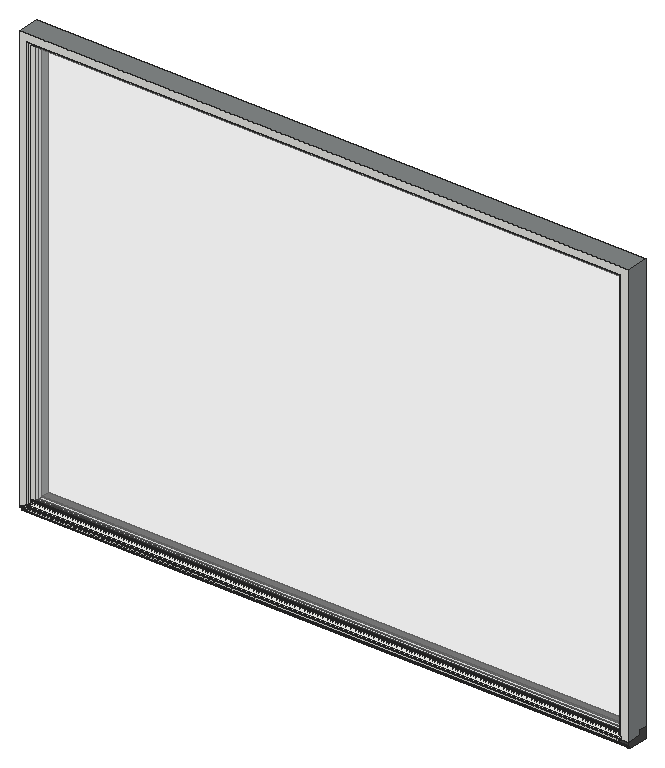
Revit family "Windows_Hajom_Architect_Type-FK", category Windows, host Wall, Revit 2018
Family settings
  Host = Wall
  OmniClass Number = 23.30.20.00
  OmniClass Title = Windows
  Always vertical = Yes
  Cut with Voids When Loaded = No
  Shared = No
  Room Calculation Point = No
Parameters (values of type "Architect - Type FK")
  WindowWallOffset [instance] = 0 mm
  WindowSecondaryMaterial [instance] = RAL9003-White-Internal_face
  WindowMainMaterial [instance] = RAL7012-Basalt_Grey-External_face
  WidthControl [instance] = 3000 mm
  WarrantyStartDate [instance] = "n/a"
  WarrantyGuarantorParts = "n/a"
  WarrantyGuarantorLabor = "n/a"
  WarrantyDurationUnit = "Year"
  WarrantyDurationParts = "n/a"
  WarrantyDurationLabor = "n/a"
  WarrantyDescription = "n/a"
  VersionDate = "27/05/2022"
  Version = "1"
  Uniclass2015Reference = "Pr_30_59_98_92"
  Uniclass2015Description = "Unplasticized polyvinylchloride (PVC-U) window units"
  Uniclass2 = "Pr_30_59_98"
  URL = "https://www.hajom.com/"
  TagNumber [instance] = "n/a"
  SustainabilityPerformance = "n/a"
  Size = "1580-4780x1780-2820x105 mm"
  SillMaterial [instance] = Mat black
  Shape = "Rectangular"
  SerialNumber [instance] = "n/a"
  Rough Width = 0 mm
  Rough Height = 0 mm
  Revision = "n/a"
  ReplacementCost = "n/a"
  ProductInformation = "n/a"
  NominalWidth [instance] = if(WidthControl < 1580 mm, 1580 mm, if(WidthControl > 4780 mm, 4780 mm, WidthControl))  # 3000 mm
  NominalHeight [instance] = if(HeightControl < 1780 mm, 1780 mm, if(HeightControl > 2820 mm, 2820 mm, HeightControl))  # 2120 mm
  NominalDepth = 105 mm
  Name = "Architect_Type-FK"
  NBSReference = "45-25-99/310"
  NBSDescription = "PVC-U window units"
  ModelReference = "n/a"
  ModelNumber = "n/a"
  Model = "Architect - Type FK"
  Material = "PVC"
  ManufacturerURL = "https://www.hajom.com/"
  ManufacturerName = "Hajom"
  Manufacturer = "Hajom"
  InstallationDate [instance] = "n/a"
  Installation instructions = ""
  HeightControl [instance] = 2120 mm
  Height = 0 mm
  HandleMaterial [instance] = SuperStainless satin
  Grade = "n/a"
  GlassStripMaterial [instance] = Aluminum
  GlassMountingMaterial [instance] = RAL9003-White-Internal_face
  GlassMaterial [instance] = Glass
  Finish = "n/a"
  Features = "n/a"
  ExteriorOffset [instance] = 0 mm
  ExpectedLife = "n/a"
  DurationUnit = "Year"
  Default Sill Height = 800 mm
  Wall Closure = By host
  Width = 0 mm
  Constituents = "n/a"
  CodePerformance = "n/a"
  Category = "Windows"
  Brand = "Hajom"
  Barcode [instance] = "n/a"
  BIMObjectName = "Windows_Hajom_Architect_Type-FK"
  Author = "BIMStone"
  AssetType = "Fixed"
  AssetIdentifier [instance] = "n/a"
  AccessibilityPerformance = "n/a"
Reference planes
  plane 1 "Center (Front/Back)": y = 0
  plane 2 "Center (Left/Right)": x = 0
  plane 3 "Left": x = -1500
  plane 4 "Right": x = 1500
  plane 5 "Sill": z = 800
  plane 6 "Head": z = 2920
  plane 7 "Exterior": y = 0
  plane 8 "Interior": y = -200
  plane 9 "4": x = -1500
  plane 10 "5": x = 1500
  plane 11 "TopView": z = 2920
  plane 12 "Opening": y = -105
  plane 13: z = 1860
  plane 14: x = -1459
  plane 15: z = 2878.96
  plane 16: z = 841
  plane 17: x = 1459
Forms (mm)
  Extrusion 1, solid, material "RAL7012-Basalt_Grey-External_face" <- "WindowMainMaterial", detail levels coarse
    sketch origin (0, 0, 0) x (1, 0, 0) y (0, 0, 1)
      loop
        line (-1500, 2920) -> (-1500, 800) -> (1500, 800) -> (1500, 2920) -> (-1500, 2920)
    from 0 to 105
  Extrusion 2, void
    sketch origin (0, 0, 0) x (1, 0, 0) y (0, 0, 1)
      loop
        line (-1500, 800) -> (1500, 800) -> (1500, 2920) -> (-1500, 2920) -> (-1500, 800)
    from 0 to 200
  Sweep 3, solid, material "RAL7012-Basalt_Grey-External_face" <- "WindowMainMaterial", detail levels medium+fine
    path origin (0, 0, 0) x (1, 0, 0) y (0, 0, 1)
      loop
        line (-1500, 800) -> (-1500, 2920) -> (1500, 2920) -> (1500, 800)
    profile "Profile_Architect_FK_Edge_Side : Profile_Architect_FK_Edge_Side" origin (-1500, 0, 1860) x (-1, 0, 0) y (0, -1, 0)
      loop
        line (-55, 37) -> (-55, 0) -> (0, 0) -> (0, 105) -> (-36, 105) -> (-36, 37) -> (-55, 37)
  Sweep 4, solid, material "Mat black" <- "SillMaterial", detail levels medium+fine
    path origin (0, 0, 0) x (1, 0, 0) y (0, 0, 1)
      loop
        line (-1500, 800) -> (1500, 800)
    profile "Profile_Architect_FK_Edge_Bottom : Profile_Architect_FK_Edge_Bottom" origin (0, 0, 800) x (0, 0, 1) y (0, -1, 0)
      loop
        line (28.853, 105) -> (18.118, 105)
        arc (18.118, 105) -> (15.889, 104.008) -> (15.134, 101.689) r 3
        line (15.134, 101.689) -> (15.415, 99) -> (17.9, 99) -> (17.9, 95) -> (2, 95)
        arc (2, 95) -> (0.586, 94.414) -> (0, 93) r 2
        line (0, 93) -> (0, 0) -> (55, 0) -> (55, 37) -> (36, 37) -> (28.853, 105)
  Sweep 5, void
    path origin (0, 0, 0) x (1, 0, 0) y (0, 0, 1)
      loop
        line (-1500, 800) -> (1500, 800)
    profile "Profile_Architect_FK_Edge_Bottom_Void : Profile_Architect_FK_Edge_Bottom_Void" origin (0, 0, 800) x (0, 0, 1) y (0, -1, 0)
      loop
        line (28.853, 105) -> (0, 105) -> (0, 0) -> (55, 0) -> (55, 37) -> (36, 37) -> (28.853, 105)
  Sweep 6, solid, material "RAL9003-White-Internal_face" <- "WindowSecondaryMaterial", detail levels medium+fine
    path origin (0, 0, 0) x (1, 0, 0) y (0, 0, 1)
      loop
        line (1500, 841) -> (1500, 2920) -> (-1500, 2920) -> (-1500, 841)
    profile "Profile_Architect_FK_Gasket_Side : Profile_Architect_FK_Gasket_Side" origin (0, 0, 2920) x (0, 0, -1) y (0, -1, 0)
      loop
        line (36, 101.323) -> (36, 82.323) -> (55.442, 82.323) -> (48.527, 101.323) -> (36, 101.323)
  Sweep 7, solid, material "RAL9003-White-Internal_face" <- "GlassMountingMaterial", detail levels medium+fine
    path origin (0, 0, 0) x (1, 0, 0) y (0, 0, 1)
      loop
        line (1464, 800) -> (-1464, 800)
    profile "Profile_Architect_FK_Gasket_Bottom : Profile_Architect_FK_Gasket_Bottom" origin (0, 0, 800) x (0, 0, -1) y (0, -1, 0)
      loop
        arc (-29.099, 105.173) -> (-29.805, 107.558) -> (-32.069, 108.59) r 3
        line (-32.069, 108.59) -> (-36.672, 108.59) -> (-38.68, 107.431) -> (-32.234, 107.431)
        arc (-32.234, 107.431) -> (-31.465, 107.07) -> (-31.251, 106.248) r 1
        line (-31.251, 106.248) -> (-34.203, 90.394)
        arc (-34.203, 90.394) -> (-34.495, 89.855) -> (-35.047, 89.587) r 1
        line (-35.047, 89.587) -> (-41.264, 88.713)
        arc (-41.264, 88.713) -> (-41.826, 88.169) -> (-41.48, 87.467) r 0.664
        line (-41.48, 87.467) -> (-39.512, 86.331) -> (-33.485, 86.331)
        arc (-33.485, 86.331) -> (-32.173, 86.822) -> (-31.505, 88.053) r 2
        line (-31.505, 88.053) -> (-29.099, 105.173)
      loop
        line (-54.91, 82.815) -> (-51.91, 82.815)
        arc (-51.91, 82.815) -> (-51.31, 83.415) -> (-51.91, 84.015) r 0.6
        line (-51.91, 84.015) -> (-52.916, 84.015)
        arc (-52.916, 84.015) -> (-53.338, 84.246) -> (-53.369, 84.726) r 0.5
        line (-53.369, 84.726) -> (-52.395, 86.815) -> (-46.909, 86.815)
        arc (-46.909, 86.815) -> (-46.556, 86.668) -> (-46.409, 86.315) r 0.5
        line (-46.409, 86.315) -> (-46.409, 84.015) -> (-47.31, 84.015)
        arc (-47.31, 84.015) -> (-48.052, 83.966) -> (-48.41, 83.315) r 0.773
        arc (-48.41, 83.315) -> (-48.263, 82.961) -> (-47.91, 82.815) r 0.5
        line (-47.91, 82.815) -> (-45.91, 82.815)
        arc (-45.91, 82.815) -> (-45.215, 83.213) -> (-45.208, 84.015) r 0.806
        line (-45.208, 84.015) -> (-35.7, 84.015)
        arc (-35.7, 84.015) -> (-35.301, 84.297) -> (-35.436, 84.767) r 0.423
        line (-35.436, 84.767) -> (-37.007, 86.025)
        arc (-37.007, 86.025) -> (-37.703, 86.004) -> (-37.795, 85.315) r 0.537
        line (-37.795, 85.315) -> (-45.895, 85.315) -> (-45.895, 88.115)
        arc (-45.895, 88.115) -> (-46.447, 88.603) -> (-47.116, 88.293) r 0.674
        arc (-47.116, 88.293) -> (-47.738, 88.175) -> (-47.978, 88.761) r 0.5
        line (-47.978, 88.761) -> (-41.849, 108.807)
        arc (-41.849, 108.807) -> (-41.488, 109.318) -> (-40.893, 109.515) r 1
        line (-40.893, 109.515) -> (-35.137, 109.515)
        arc (-35.137, 109.515) -> (-34.691, 109.308) -> (-34.559, 108.834) r 0.586
        line (-34.559, 108.834) -> (-32.49, 109.721)
        arc (-32.49, 109.721) -> (-32.154, 110.346) -> (-32.687, 110.815) r 0.57
        line (-32.687, 110.815) -> (-40.56, 110.815)
        arc (-40.56, 110.815) -> (-40.962, 111.017) -> (-41.038, 111.461) r 0.5
        line (-41.038, 111.461) -> (-39.272, 117.237)
        arc (-39.272, 117.237) -> (-38.91, 117.748) -> (-38.316, 117.945) r 1
        line (-38.316, 117.945) -> (-25.455, 117.945)
        arc (-25.455, 117.945) -> (-25.017, 118.595) -> (-25.455, 119.245) r 0.702
        line (-25.455, 119.245) -> (-38.538, 119.245)
        arc (-38.538, 119.245) -> (-39.727, 118.852) -> (-40.45, 117.829) r 2
        line (-40.45, 117.829) -> (-49.319, 88.822)
        arc (-49.319, 88.822) -> (-49.68, 88.311) -> (-50.275, 88.115) r 1
        line (-50.275, 88.115) -> (-52.586, 88.115)
        arc (-52.586, 88.115) -> (-53.124, 87.958) -> (-53.493, 87.537) r 1
        line (-53.493, 87.537) -> (-55.363, 83.526)
        arc (-55.363, 83.526) -> (-55.332, 83.046) -> (-54.91, 82.815) r 0.5
  Extrusion 8, solid, material "Glass" <- "GlassMaterial", detail levels medium+fine
    sketch origin (0, 0, 0) x (1, 0, 0) y (0, 0, 1)
      loop
        line (1459, 841) -> (1459, 2878.96) -> (-1459, 2878.96) -> (-1459, 841) -> (1459, 841)
    from 40 to 44
  Extrusion 9, solid, material "Glass" <- "GlassMaterial", detail levels medium+fine
    sketch origin (50, 0, 0) x (1, 0, 0) y (0, 0, 1)
      loop
        line (1409, 841) -> (1409, 2878.96) -> (-1509, 2878.96) -> (-1509, 841) -> (1409, 841)
    from 58 to 62
  Extrusion 10, solid, material "Glass" <- "GlassMaterial", detail levels medium+fine
    sketch origin (18.118, 0, 0) x (1, 0, 0) y (0, 0, 1)
      loop
        line (1440.882, 841) -> (1440.882, 2878.96) -> (-1477.118, 2878.96) -> (-1477.118, 841) -> (1440.882, 841)
    from 76 to 80
  Sweep 11, solid, material "Aluminum" <- "GlassStripMaterial", detail levels medium+fine
    path origin (0, 0, 0) x (1, 0, 0) y (0, 0, 1)
      loop
        line (1459, 2878.96) -> (-1459, 2878.96) -> (-1459, 841) -> (1459, 841) -> (1459, 2878.96)
    profile "Profile_Architect_FK_Strip : Profile_Architect_FK_Strip" origin (0, 0, 2878.96) x (0, 0, -1) y (0, -1, 0)
      loop
        line (0, 76) -> (0, 62) -> (11.988, 62) -> (11.988, 76) -> (0, 76)
      loop
        line (0, 58) -> (0, 44) -> (11.988, 44) -> (11.988, 58) -> (0, 58)
Cuts and joins
  Sweep 5 cuts Sweep 3
Lines and regions (mm)
  symbolic lines, detail levels medium+fine
    curve 1: line (0, -40, 841) -> (0, -40, 2878.96)
    curve 2: line (0, -44, 2878.96) -> (0, -44, 841)
    curve 3: line (0, -58, 2878.96) -> (0, -58, 841)
    curve 4: line (0, -62, 2878.96) -> (0, -62, 841)
    curve 5: line (0, -76, 2878.96) -> (0, -76, 841)
    curve 6: line (0, -80, 2878.96) -> (0, -80, 841)
    curve 7: line (-1459, -80, 0) -> (1459, -80, 0)
    curve 8: line (-1459, -76, 0) -> (1459, -76, 0)
    curve 9: line (-1459, -62, 0) -> (1459, -62, 0)
    curve 10: line (-1459, -58, 0) -> (1459, -58, 0)
    curve 11: line (-1459, -58, 0) -> (-1459, -62, 0)
    curve 12: line (-1459, -76, 0) -> (-1459, -80, 0)
    curve 13: line (1459, -58, 0) -> (1459, -62, 0)
    curve 14: line (1459, -76, 0) -> (1459, -80, 0)
    curve 15: line (0, -40, 2878.96) -> (0, -44, 2878.96)
    curve 16: line (0, -58, 2878.96) -> (0, -62, 2878.96)
    curve 17: line (0, -76, 2878.96) -> (0, -80, 2878.96)
    curve 18: line (0, -40, 841) -> (0, -44, 841)
    curve 19: line (0, -58, 841) -> (0, -62, 841)
    curve 20: line (0, -76, 841) -> (0, -80, 841)
    curve 25: line (1500, 0, 2920) -> (-1500, 0, 2920)
    curve 26: line (1500, 0, 800) -> (1500, 0, 2920)
    curve 27: line (-1500, 0, 800) -> (1500, 0, 800)
    curve 28: line (-1500, 0, 2920) -> (-1500, 0, 800)
    curve 29: line (-1459, -44, 0) -> (1459, -44, 0)
    curve 30: line (-1459, -40, 0) -> (-1459, -44, 0)
    curve 31: line (1459, -40, 0) -> (-1459, -40, 0)
    curve 32: line (1459, -44, 0) -> (1459, -40, 0)
  symbolic lines, detail levels fine
    curve 21: line (1459, 0, 2878.96) -> (-1459, 0, 2878.96)
    curve 22: line (1459, 0, 841) -> (1459, 0, 2878.96)
    curve 23: line (-1459, 0, 841) -> (1459, 0, 841)
    curve 24: line (-1459, 0, 2878.96) -> (-1459, 0, 841)
Text (mm)
  text "EXTERIOR" at (-1963.203, 1332.353, 0), in view "Ref. Level"
  text "INTERIOR" at (-1981.466, -818.386, 0), in view "Ref. Level"
  text "Exterior" at (0, 923.751, 2943.296), in view "Right"
  text "Exterior" at (0, 1040.484, 2685.409), in view "Left"
Dimensions and locks
  equal spacing: plane 3 "Left", plane 2 "Center (Left/Right)", plane 4 "Right"
  "NominalWidth": plane 3 "Left" to plane 4 "Right"
  "NominalHeight": plane 5 "Sill" to plane 6 "Head"
  "Default Sill Height": plane 5 "Sill" to level
  "ExteriorOffset": plane 7 "Exterior" to host wall
  locked: plane 8 "Interior" to host wall
  "WindowWallOffset": plane 11 "TopView" to plane 6 "Head"
  "WindowWallOffset": plane 9 "4" to plane 3 "Left"
  "WindowWallOffset": plane 4 "Right" to plane 10 "5"
  "NominalDepth": plane 7 "Exterior" to plane 12 "Opening"
  equal spacing: plane 6 "Head", plane 13, plane 5 "Sill"
  locked: plane 3 "Left" to plane 14 at 41
  locked: plane 6 "Head" to plane 15 at 41.04
  locked: plane 5 "Sill" to plane 16 at 41
  locked: plane 17 to plane 4 "Right" at 41
  locked: Sweep 7 sketch curve to plane 4 "Right" at 36
  locked: plane 3 "Left" to Sweep 7 sketch curve at 36
  aligned and locked: Extrusion 1 sketch curve to plane 3 "Left"
  aligned and locked: Extrusion 1 sketch curve to plane 5 "Sill"
  aligned and locked: plane 6 "Head" to Extrusion 1 sketch curve
  aligned and locked: plane 4 "Right" to Extrusion 1 sketch curve
  aligned and locked: Extrusion 2 sketch curve to plane 10 "5"
  aligned and locked: Extrusion 2 sketch curve to plane 11 "TopView"
  aligned and locked: Extrusion 2 sketch curve to plane 5 "Sill"
  aligned and locked: host wall to Extrusion 2  (x2)
  aligned and locked: Sweep 3 sketch curve to plane 3 "Left"
  aligned and locked: plane 6 "Head" to Sweep 3 sketch curve
  aligned and locked: plane 5 "Sill" to Sweep 3 sketch curve  (x2)
  aligned and locked: plane 5 "Sill" to Sweep 4 sketch curve
  aligned and locked: plane 4 "Right" to Sweep 4 sketch curve
  aligned and locked: Sweep 5 sketch curve to plane 5 "Sill"
  aligned and locked: plane 4 "Right" to Sweep 5 sketch curve
  aligned and locked: plane 6 "Head" to Sweep 6 sketch curve
  aligned and locked: plane 5 "Sill" to Sweep 7 sketch curve
  aligned and locked: plane 5 "Sill" to nested 1
  aligned and locked: plane 7 "Exterior" to nested 1
  aligned and locked: plane 6 "Head" to nested 2
  aligned and locked: curve 21 to plane 15
  aligned and locked: plane 14 to curve 24
  aligned and locked: curve 23 to plane 16
  aligned and locked: plane 6 "Head" to curve 25
  aligned and locked: plane 4 "Right" to curve 26
  aligned and locked: curve 27 to plane 5 "Sill"
  aligned and locked: curve 28 to plane 3 "Left"
  aligned and locked: nested 3 to plane 3 "Left"
  aligned and locked: plane 7 "Exterior" to nested 3
  aligned and locked: plane 7 "Exterior" to nested 2
  aligned and locked: plane 16 to curve 20
  aligned and locked: plane 16 to curve 19
  aligned and locked: plane 16 to curve 18
  aligned and locked: curve 17 to plane 15
  aligned and locked: curve 16 to plane 15
  aligned and locked: curve 15 to plane 15
  aligned and locked: nested 4 to plane 7 "Exterior"
  aligned and locked: nested 4 to plane 4 "Right"
  aligned and locked: curve 30 to plane 14
  aligned and locked: curve 11 to plane 14
  aligned and locked: curve 12 to plane 14
  aligned and locked: curve 32 to plane 17
  aligned and locked: plane 17 to curve 13
  aligned and locked: plane 17 to curve 14
  aligned and locked: Extrusion 2 sketch curve to plane 9 "4"
  aligned and locked: plane 3 "Left" to Sweep 4 sketch curve
  aligned and locked: plane 3 "Left" to Sweep 5 sketch curve
  aligned and locked: plane 3 "Left" to Sweep 6 sketch curve
  aligned and locked: plane 4 "Right" to Sweep 6 sketch curve
  aligned and locked: Sweep 3 sketch curve to plane 6 "Head"
  aligned and locked: Sweep 3 sketch curve to plane 4 "Right"
  aligned and locked: plane 16 to Sweep 6 sketch curve  (x2)
  aligned and locked: Extrusion 8 to plane 17
  aligned and locked: Extrusion 9 to plane 14
  aligned and locked: Extrusion 8 to plane 14
  aligned and locked: Extrusion 10 to plane 14
  aligned and locked: Extrusion 9 to plane 17
  aligned and locked: Extrusion 10 to plane 17
  aligned and locked: plane 15 to Extrusion 10
  aligned and locked: plane 15 to Extrusion 9
  aligned and locked: plane 15 to Extrusion 8
  aligned and locked: plane 16 to Extrusion 10
  aligned and locked: plane 16 to Extrusion 9
  aligned and locked: plane 16 to Extrusion 8
  aligned and locked: curve 22 to plane 17
  aligned and locked: curve 31 to nested 4
  aligned and locked: curve 29 to nested 4
  aligned and locked: curve 10 to nested 4
  aligned and locked: curve 9 to nested 4
  aligned and locked: curve 8 to nested 4
  aligned and locked: curve 7 to nested 4
  aligned and locked: curve 6 to nested 1
  aligned and locked: curve 5 to nested 1
  aligned and locked: curve 4 to nested 1
  aligned and locked: curve 3 to nested 1
  aligned and locked: curve 2 to nested 1
  aligned and locked: curve 1 to nested 1
  aligned and locked: Sweep 11 sketch curve to plane 14
  aligned and locked: plane 15 to Sweep 11 sketch curve
  aligned and locked: Sweep 11 sketch curve to plane 17
  aligned and locked: Sweep 11 sketch curve to plane 16
  aligned and locked: plane 12 "Opening" to Extrusion 1
Automatic sketch dimensions
  plane 17 to Extrusion 8 sketch curve = 0 mm
  plane 17 to Extrusion 9 sketch curve = 0 mm
  plane 17 to Extrusion 10 sketch curve = 0 mm
  Extrusion 8 sketch curve to plane 15 = 0 mm
  Extrusion 9 sketch curve to plane 15 = 0 mm
  Extrusion 10 sketch curve to plane 15 = 0 mm
  Extrusion 8 sketch curve to plane 16 = 0 mm
  Extrusion 9 sketch curve to plane 16 = 0 mm
  Extrusion 10 sketch curve to plane 16 = 0 mm
  Extrusion 8 sketch curve to plane 14 = 0 mm
  Extrusion 9 sketch curve to plane 14 = 0 mm
  Extrusion 10 sketch curve to plane 14 = 0 mm
Nested families
  nested 1: "Detail_Architect_FK_LeftView_Bottom" at (0, 0, 800) x (0, -1, 0) z (-1, 0, 0), type "Detail_Architect_FK_LeftView_Bottom", detail levels medium+fine
  nested 2: "Detail_Architect_FK_LeftView_Top" at (0, 0, 2920) x (0, -1, 0) z (-1, 0, 0), type "Detail_Architect_FK_LeftView_Top", detail levels medium+fine
  nested 3: "Detail_Architect_FK_TopView_Side" at (-1500, 0, 0), type "Detail_Architect_FK_TopView_Side", detail levels medium+fine
  nested 4: "Detail_Architect_FK_TopView_Side" at (1500, 0, 0) x (-1, 0, 0) z (0, 0, 1), type "Detail_Architect_FK_TopView_Side", detail levels medium+fine
Definition of nested family "Detail_Architect_FK_LeftView_Bottom"
  Reference planes
    plane 1 "Center (Front/Back)": y = 0
    plane 2: z = 0
    plane 3 "Center (Left/Right)": x = 0
Definition of nested family "Detail_Architect_FK_LeftView_Top"
  Reference planes
    plane 1 "Center (Front/Back)": y = 0
    plane 2: z = 0
    plane 3 "Center (Left/Right)": x = 0
Definition of nested family "Detail_Architect_FK_TopView_Side"
  Reference planes
    plane 1 "Center (Front/Back)": y = 0
    plane 2: z = 0
    plane 3 "Center (Left/Right)": x = 0
